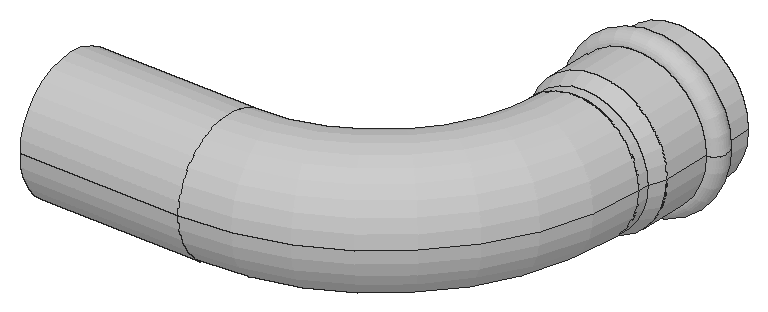
Revit family "VTi.950.I_958.I_Пресс-угольник_Внутр.нар. 45_Нерж_VALTEC", category Соединительные детали трубопроводов, Revit 2023
Family settings
  Размер круглого соединителя = Использовать диаметр
  Тип детали = Отвод
  На основе рабочей плоскости = Нет
  Всегда вертикально = Да
  При загрузке вырезать с полостями = Нет
  Общий = Нет
Parameters
  Угол вращения [instance] = -Угол  # -90.00°
  Угол [instance] = 90.00°
  Отметка по умолчанию = 0.00 mm
  l5 [instance] = size_lookup(LT, "l5", 5.00 mm, dn, Угол)  # 3.00 mm
  l4 [instance] = size_lookup(LT, "l4", 1.00 mm, dn, Угол)  # 4.50 mm
  l3 [instance] = size_lookup(LT, "l3", 8.50 mm, dn, Угол)  # 13.50 mm
  l2 [instance] = size_lookup(LT, "l2", 6.00 mm, dn, Угол)  # 7.00 mm
  l1 [instance] = size_lookup(LT, "l1", 6.00 mm, dn, Угол)  # 7.50 mm
  h_выступа [instance] = size_lookup(LT, "h_выступа", 2.50 mm, dn, Угол)  # 2.95 mm
  dn [instance] = 35 mm
  d1 [instance] = size_lookup(LT, "d1", 13.50 mm, dn)  # 35.00 mm
  d [instance] = size_lookup(LT, "d", 14.70 mm, dn)  # 38.30 mm
  Rz [instance] = size_lookup(LT, "Rz", 20.70 mm, dn, Угол)  # 52.80 mm
  Ra [instance] = Rz / tan(Угол / 2)  # 52.80 mm
  LT = "VTi.950.I_958.I_Пресс-угольник_Внутр.нар. 45_Нерж_VALTEC"  # constant formula
  L1 [instance] = size_lookup(LT, "L1", 36.60 mm, dn, Угол)  # 43.30 mm
  L [instance] = l1 + l2 + l3 + l4 + l5 + Rz  # 88.30 mm
  ADSK_Примечание [instance] = ""
  ADSK_Позиция [instance] = ""
  ADSK_Обозначение [instance] = ADSK_Марка  # "VTi.950.I.003535"
  ADSK_Наименование [instance] = size_lookup(LT, "", "Типоразмер не найден", dn, Угол)  # "Фитинг из нержавеющей стали - пресс-угольник 90° внутренний/наружный 35 мм"
  ADSK_Материал = Сталь, нержавеющая - VALTEC
  ADSK_Масса [instance] = size_lookup(LT, "ADSK_Масса", 0, dn, Угол)  # 0.203
  ADSK_Марка [instance] = size_lookup(LT, "ADSK_Марка", "Типоразмер не найден", dn, Угол)  # "VTi.950.I.003535"
  ADSK_Количество = 1  # constant formula
  ADSK_Код изделия [instance] = if(Угол = 45.00°, "VTi.958.I", "VTi.950.I")  # "VTi.950.I"
  ADSK_Завод-изготовитель [instance] = "VALTEC"  # constant formula
  ADSK_Единица измерения = "шт."  # constant formula
Reference planes
  plane 1 "По центру (Вперед/Назад)": y = 0
  plane 2: z = 0
  plane 3 "По центру (Влево/Вправо)": x = 0
  plane 4 "Вращение": x = -52.8
  plane 5: y = 52.8
  plane 6: x = -96.1
Forms (mm)
  Revolve 1, solid, material "Сталь, нержавеющая - VALTEC" <- "ADSK_Материал"
    sketch origin (-52.8, 0, 0) x (0, 1, 0) y (0, 0, 1)
      loop
        circle (0, 0) r 17.5
      axis (52.8, 0) -> (52.8, -1)
    angle from -90 <- "Угол вращения" to 0
  Sweep 2, solid, material "Сталь, нержавеющая - VALTEC" <- "ADSK_Материал"
    path in 3D
      loop
        line (-52.8, 0, 0) -> (-96.1, 0, 0)
    profile origin (-74.45, 0, 0) x (0, -1, 0) y (0, 0, 1)
      loop
        circle (0, 0) r 17.5
Cuts and joins
  joined: Revolve 1, Sweep 2
Lines and regions (mm)
  model lines
    curve 1: arc (-52.8, 0, 0) -> (-15.465, 15.465, 0) -> (0, 52.8, 0) r 52.8
    curve 4: line (-52.8, 0, 0) -> (-96.1, 0, 0)
  reference lines
    curve 2: line (0, 0, 0) -> (0, 88.3, 0)
    curve 3: line (0, 88.3, 0) -> (-2, 88.3, 0)
  sketch lines
    curve 5: line (-52.8, 0, 0) -> (-96.1, 0, 0)
Dimensions and locks
  "Rz": plane 4 "Вращение" to plane 3 "По центру (Влево/Вправо)"
  "Ra": plane 1 "По центру (Вперед/Назад)" to plane 5
  "L": curve 2 to curve 2
  "L1": plane 6 to plane 4 "Вращение"
  "Ra": radius of curve 1
  "d1": diameter of Revolve 1 sketch curve
  "d1": diameter of Sweep 2 sketch curve
  "Угол": angle curve 1 to curve 1
  "Угол": angle plane 1 "По центру (Вперед/Назад)" to curve 2
  locked: curve 3 to curve 2 (angle 90.00°)
  "Угол": angle plane 1 "По центру (Вперед/Назад)" to nested 1
  aligned and locked: level to plane 2
  aligned and locked: plane 1 "По центру (Вперед/Назад)" to curve 2
  aligned and locked: plane 3 "По центру (Влево/Вправо)" to curve 2
  aligned and locked: nested 1 to curve 2
  aligned and locked: nested 1 to curve 3
  aligned and locked: plane 1 "По центру (Вперед/Назад)" to Revolve 1 sketch curve
  aligned and locked: level to Revolve 1 sketch curve
  aligned and locked: plane 5 to Revolve 1 sketch curve
  aligned and locked: plane 4 "Вращение" to curve 4
  aligned and locked: plane 6 to curve 4
  aligned and locked: curve 4 to plane 1 "По центру (Вперед/Назад)"
Automatic sketch dimensions
  Revolve 1 sketch curve to level = 0.00 mm
  Revolve 1 sketch curve to level = 0.942 mm
  Sweep 2 sketch curve to profile plane = 0.00 mm  (x2)
Nested families
  nested 1: "Патрубок" at (0, 52.8, 0) x (0, -1, 0) z (0, 0, 1), d <- "d", d1 <- "d1", h_выступа <- "h_выступа", l1 <- "l1", l2 <- "l2", l3 <- "l3", l4 <- "l4", l5 <- "l5", ADSK_Материал <- "ADSK_Материал", type "Патрубок"
    with l5 3.00 mm, l4 4.50 mm, l3 13.50 mm, l2 7.00 mm, l1 7.50 mm, h_выступа 2.95 mm, d1 35.00 mm, d 38.30 mm, ADSK_Материал Сталь, нержавеющая - VALTEC
Connectors
  piping at (0, 88.3, 0), diameter 35, driven by "dn", driven by "Угол"
    settings: on nested 1, index 2, connector inside diameter 609.6 mm, connector length 0.00 mm, flow factor 0, pipe flow 0.0 L/s, pressure drop 0.0 Pa, fitting loss kfactor 0, connector angle 90.00°, fixture units 0, engagement length 0.00 mm, angle of deflection 0.00°, flow configuration 0, flow direction 0, fitting loss method 0, system type 28, joint type 0, gender type 0, connector reference index -1, connector utility 0, adjustable connector no, is connector primary yes, connector description ""
  piping at (-96.1, 0, 0), diameter 35, driven by "Угол", driven by "dn"
    settings: on cut or joined group of Revolve 1, Sweep 2, index 3, connector inside diameter 609.6 mm, connector length 0.00 mm, flow factor 0, pipe flow 0.0 L/s, pressure drop 0.0 Pa, fitting loss kfactor 0, connector angle 90.00°, fixture units 0, engagement length 0.00 mm, angle of deflection 0.00°, flow configuration 0, flow direction 0, fitting loss method 0, system type 28, joint type 0, gender type 0, connector reference index -1, connector utility 0, adjustable connector no, is connector primary no, connector description ""
Definition of nested family "Патрубок"
  Parameters (values of type "Патрубок")
    Default Elevation = 0.00 mm
    l5 [instance] = 8.50 mm
    l4 [instance] = 1.50 mm
    l3 [instance] = 8.00 mm
    l2 [instance] = 7.00 mm
    l1 [instance] = 5.50 mm
    h_выступа [instance] = 2.50 mm
    d1 [instance] = 13.50 mm
    d [instance] = 14.70 mm
    ADSK_Материал [instance] = none
  Reference planes
    plane 1 "По центру (Вперед/Назад)": y = 0
    plane 2: z = 0
    plane 3 "По центру (Влево/Вправо)": x = 0
    plane 4: y = 7.35
    plane 5: y = -7.35
    plane 6: x = -18
    plane 7: x = -10
    plane 8: x = -8.5
    plane 9: x = -25
    plane 10: x = -30.5
  Forms (mm)
    Revolve 1, solid, material <- "ADSK_Материал"
      sketch origin (0, 0, 0) x (1, 0, 0) y (0, 1, 0)
        loop
          line (-30.5, 0) -> (-10, 0) -> (-10, 7.35) -> (-18, 7.35)
          spline (-18, 7.35) -> (-18.119, 7.997) -> (-18.469, 8.6) -> (-19.025, 9.118) -> (-19.75, 9.515) -> (-20.594, 9.765) -> (-21.5, 9.85) -> (-22.406, 9.765) -> (-23.25, 9.515) -> (-23.975, 9.118) -> (-24.531, 8.6) -> (-24.881, 7.997) -> (-25, 7.35)
          line (-25, 7.35) -> (-30.5, 7.35) -> (-30.5, 0)
        axis (-30.5, 0) -> (-10, 0)
      angle from 0 to 360
    SweptBlend 2, solid, material <- "ADSK_Материал"
      path in 3D
        loop
          line (-10, 0, 0) -> (-8.5, 0, 0)
      profile origin (-10, 0, 0) x (0, 1, 0) y (0, 0, 1)
        loop
          circle (0, 0) r 7.35
      end profile origin (-8.5, 0, 0) x (0, 1, 0) y (0, 0, 1)
        loop
          circle (0, 0) r 6.75
    Sweep 3, solid, material <- "ADSK_Материал"
      path in 3D
        loop
          line (-8.5, 0, 0) -> (0, 0, 0)
      profile origin (-4.25, 0, 0) x (0, 1, 0) y (0, 0, 1)
        loop
          circle (0, 0) r 6.75
  Cuts and joins
    joined: Revolve 1, SweptBlend 2, Sweep 3
  Lines and regions (mm)
    model lines
      curve 1: line (-30.5, 0, 0) -> (-10, 0, 0)
      curve 2: line (-10, 0, 0) -> (-8.5, 0, 0)
      curve 3: line (-8.5, 0, 0) -> (0, 0, 0)
    sketch lines
      curve 4: line (-10, 0, 0) -> (-8.5, 0, 0)
      curve 5: line (-8.5, 0, 0) -> (0, 0, 0)
  Dimensions and locks
    equal spacing: plane 5, plane 1 "По центру (Вперед/Назад)", plane 4
    "d": plane 5 to plane 4
    "l3": plane 6 to plane 7
    "l4": plane 7 to plane 8
    "l5": plane 8 to plane 3 "По центру (Влево/Вправо)"
    "l2": plane 9 to plane 6
    "l1": plane 10 to plane 9
    "h_выступа": Revolve 1 sketch curve to Revolve 1 sketch curve
    "d": diameter of SweptBlend 2 sketch curve
    "d1": diameter of SweptBlend 2 sketch curve
    "d1": diameter of Sweep 3 sketch curve
    aligned and locked: level to plane 2
    aligned and locked: plane 3 "По центру (Влево/Вправо)" to curve 3
    aligned and locked: plane 8 to curve 3
    aligned and locked: plane 7 to curve 2
    aligned and locked: plane 10 to curve 1
    aligned and locked: plane 1 "По центру (Вперед/Назад)" to curve 1
    aligned and locked: plane 1 "По центру (Вперед/Назад)" to curve 2
    aligned and locked: plane 1 "По центру (Вперед/Назад)" to curve 3
    aligned and locked: plane 10 to Revolve 1 sketch curve
    aligned and locked: plane 7 to Revolve 1 sketch curve
    aligned and locked: plane 4 to Revolve 1 sketch curve  (x2)
    aligned and locked: Revolve 1 sketch curve to plane 1 "По центру (Вперед/Назад)"
    aligned and locked: Revolve 1 sketch curve to curve 1
  Automatic sketch dimensions
    Revolve 1 sketch curve to plane 10 = 0.00 mm
    Revolve 1 sketch curve to plane 9 = 0.00 mm
    Revolve 1 sketch curve to plane 6 = 0.00 mm
    Revolve 1 sketch curve to plane 7 = 0.00 mm
    SweptBlend 2 sketch curve to profile plane = 0.00 mm  (x4)
    Sweep 3 sketch curve to profile plane = 0.00 mm  (x2)
Types in the file's own list only (3): name | Отметка по умолчанию
  Фитинг из нержавеющей стали - пресс-угольник 90° внутренний/наружный 15 мм | 0.00 мм
  Фитинг из нержавеющей стали - пресс-угольник 90° внутренний/наружный 18 мм | 0.00 мм
  Фитинг из нержавеющей стали - пресс-угольник 90° внутренний/наружный 22 мм | 0.00 мм
